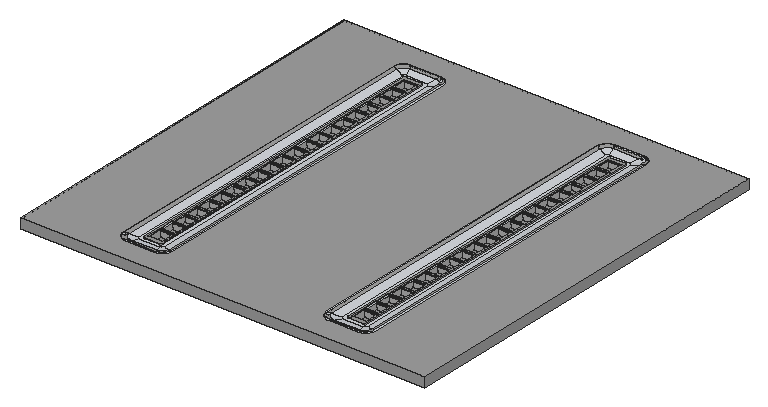
Revit family "0044017 Sylvania Lighting Fixture OptiClip 600 4000K C9 WH DALI WHITE", category Lighting Fixtures, host Face, Revit 2016
Family settings
  Host = Face
  Part Type = Normal
  Round Connector Dimension = Use Diameter
  OmniClass Number = 23.80.70.00
  OmniClass Title = Lighting
  Cut with Voids When Loaded = No
  Light Source = Yes
  Shared = No
  Room Calculation Point = No
Parameters (values of type "Type Name")
  spacer height = 5 mm
  spacer centres = 1000 mm
  height = 14.63 mm
  cut out width = 590 mm
  cut out length = 590 mm
  Width = 595 mm
  Weight = ""
  Wattage Comments = ""
  Wattage = 9.2903 W
  WarrantyStartDate [instance] = "n/a"
  WarrantyGuarantorParts = "n/a"
  WarrantyDurationUnit = "n/a"
  WarrantyDurationParts = "n/a"
  WarrantyDescription = "n/a"
  built-in parameter 1150110 = 1 (stored number, unit not read)
  Voltage = 0 V
  URL = "http://www.feilosylvania.com"
  TypeName = ""
  Type Image = <None>
  Type Comments = "n/a"
  built-in parameter 1114217 = 1 (stored number, unit not read)
  Tilt Angle = 90.00°
  built-in parameter 1150109 = 1 (stored number, unit not read)
  built-in parameter 1150134 = 3
  built-in parameter 1150113 = 1 (stored number, unit not read)
  SerialNumber [instance] = "n/a"
  Photometric Web File = "0044017.ies"
  Material_3_FEILO = none
  PowerFactor = 0
  PowerConsumption = ""
  NominalLength = 0 mm
  NominalHeight = 0 mm
  NominalDepth = 0 mm
  Name = ""
  ModelReference = Name  # ""
  ModelNumber = ""
  Model = Name  # ""
  Material = ""
  ManufacturerName = "Feilo Sylvania"
  Manufacturer = "Feilo Sylvania"
  LuminousEfficacy = ""
  built-in parameter 1150105 = 109.82 (stored number, unit not read)
  Lumens = 1380 lm
  LuminaireType = ""
  built-in parameter 1150115 = 1 (stored number, unit not read)
  LightOutputRatio = ""
  built-in parameter 1150137 = (empty or 0)
  built-in parameter 1150139 = (empty or 0)
  Length = 595 mm
  LampsType = Lamp  # ""
  LampNominalLuminous = ""
  LampMacAdamStep = ""
  LampColourTemperature = ""
  LampColourRenderingIndex = ""
  built-in parameter 1150112 = 1 (stored number, unit not read)
  built-in parameter 1150114 = 1 (stored number, unit not read)
  Lamp = ""
  Keynote = "16500"
  InstallationDate [instance] = "n/a"
  InputVoltage = ""
  InputNominalFrequency = ""
  built-in parameter 1150132 = (empty or 0)
  built-in parameter 1150102 = (empty or 0)
  built-in parameter 1150107 = 3200 (stored number, unit not read)
  built-in parameter 1150138 = (empty or 0)
  IngressProtection = ""
  ImpactProtectionIndex = ""
  built-in parameter 1150106 = 1.0982 (stored number, unit not read)
  IfcExportType = "IfcLightFixtureType"
  IfcExportAs = "IfcLightFixtureType"
  Height = 50 mm
  ExpectedLife = 50000
  Emit from Circle Diameter = 609.6 mm
  Emit Shape Visible in Rendering = no
  ElectricShockClassification = ""
  built-in parameter 1150104 = 13.8 (stored number, unit not read)
  DurationUnit = "hours"
  DocumentationLiterature = ""
  DimmingControlOptions = ""
  Material_2_FEILO = none
  Dimming Lamp Color Temperature Shift = <None>
  Description = ""
  Default Elevation = 1219.2 mm
  CreatedOn = ""
  CreatedBy = ""
  Cost = 0
  Color Filter = 16777215
  built-in parameter 1114216 [instance] = (empty or 0)
  ClassificationValue = "EF_70_80"
  ClassificationName = "Uniclass2015"
  Material_1_FEILO = none
  BarCode [instance] = "n/a"
  built-in parameter 1114218 = 1 (stored number, unit not read)
  built-in parameter 1150133 = 10 (stored number, unit not read)
  AssetType = ""
  AssetIdentifier [instance] = "n/a"
  Assembly Code = "D5020200"
  Apparent Load = 0 VA
  Material_4_FEILO = none
Reference planes
  plane 1 "Center (Front/Back)": y = 0
  plane 2: z = 0
  plane 3 "Center (Left/Right)": x = 0
  plane 4: z = 0
  plane 5: y = 297.5
  plane 6: y = -297.5
  plane 7: x = -297.5
  plane 8: x = 297.5
  plane 9: x = -295
  plane 10: x = 295
  plane 11: y = 295
  plane 12: y = -295
  plane 13: z = -14.63
  plane 14: y = 296.5
  plane 15: x = -296.5
  plane 16: x = 296.5
  plane 17: y = -296.5
  plane 18: x = -185
  plane 19: x = -113
  plane 20: y = -246.5
  plane 21: x = -184
  plane 22: y = 262
  plane 23: x = -114
  plane 24: y = -262
  plane 25: y = 245.5
  plane 26: y = -245.345
  plane 27: x = -160
  plane 28: x = -138
  plane 29: y = 236.5
  plane 30: y = -236.345
  plane 31: y = 213.35
  plane 32: y = 212.35
  plane 33: y = 190.95
  plane 34: y = 189.95
  plane 35: y = 168.595
  plane 36: y = 167.595
  plane 37: y = 146.15
  plane 38: y = 145.15
  plane 39: y = 123.75
  plane 40: y = 122.75
  plane 41: y = 101.35
  plane 42: y = 100.35
  plane 43: y = 78.95
  plane 44: y = 77.95
  plane 45: y = 56.576
  plane 46: y = 55.576
  plane 47: y = 34.15
  plane 48: y = 33.15
  plane 49: y = 11.75
  plane 50: y = 10.75
  plane 51: y = -10.65
  plane 52: y = -11.65
  plane 53: y = -33.05
  plane 54: y = -34.05
  plane 55: y = -55.45
  plane 56: y = -56.45
  plane 57: y = -77.805
  plane 58: y = -78.805
  plane 59: y = -100.25
  plane 60: y = -101.25
  plane 61: y = -122.65
  plane 62: y = -123.65
  plane 63: y = -145.05
  plane 64: y = -146.05
  plane 65: y = -167.45
  plane 66: y = -168.416
  plane 67: y = -189.816
  plane 68: y = -190.816
  plane 69: y = -212.216
  plane 70: y = -213.216
  plane 71: y = -234.616
  plane 72: x = -159.5
  plane 73: x = -138.539
  plane 74: y = 230.05
  plane 75: y = 218.05
  plane 76: x = -143.039
  plane 77: x = -155
  plane 78: x = -162.5
  plane 79: x = -135.5
  plane 80: y = 240.5
  plane 81: y = -240.345
  plane 82: y = 238
Forms (mm)
  Extrusion 1, void, detail levels medium+fine
    sketch origin (4.2, 0, 0) x (0, 1, 0) y (1, 0, 0)
      loop
        line (295, -299.2) -> (295, 290.8) -> (-295, 290.8) -> (-295, -299.2) -> (295, -299.2)
    from 0 to 10
  Extrusion 2, solid, material "Default", detail levels medium+fine
    sketch origin (4.2, 0, 0) x (1, 0, 0) y (0, 1, 0)
      loop
        line (-301.7, 297.5) -> (-301.7, -297.5) -> (293.3, -297.5) -> (293.3, 297.5) -> (-301.7, 297.5)
    from 0 to -14.63
  Extrusion 3, void, detail levels medium+fine
    sketch origin (4.2, 0, 0) x (0, 1, 0) y (1, 0, 0)
      loop
        line (296.5, -300.7) -> (296.5, 292.3) -> (-296.5, 292.3) -> (-296.5, -300.7) -> (296.5, -300.7)
    from 1.008 to 14.63
  Blend 4, solid, detail levels medium+fine
    base sketch origin (4.2, 0, 0) x (1, 0, 0) y (0, 1, 0)
      loop
        line (-189.2, 248) -> (-189.2, -248)
        arc (-189.2, -248) -> (-184.807, -258.607) -> (-174.2, -263) r 15
        line (-174.2, -263) -> (-132.2, -263)
        arc (-132.2, -263) -> (-121.593, -258.607) -> (-117.2, -248) r 15
        line (-117.2, -248) -> (-117.2, 248)
        arc (-117.2, 248) -> (-121.593, 258.607) -> (-132.2, 263) r 15
        line (-132.2, 263) -> (-174.2, 263)
        arc (-174.2, 263) -> (-184.807, 258.607) -> (-189.2, 248) r 15
    top sketch origin (4.2, 0, 0) x (1, 0, 0) y (0, 1, 0)
      loop
        line (-172.7, 242.5) -> (-172.7, -242.5)
        arc (-172.7, -242.5) -> (-171.517, -245.34) -> (-168.667, -246.5) r 4
        line (-168.667, -246.5) -> (-137.633, -246.5)
        arc (-137.633, -246.5) -> (-134.828, -245.324) -> (-133.7, -242.5) r 3.934
        line (-133.7, -242.5) -> (-133.7, 242.5)
        arc (-133.7, 242.5) -> (-134.982, 245.439) -> (-138.008, 246.5) r 4.011
        line (-138.008, 246.5) -> (-168.7, 246.5)
        arc (-168.7, 246.5) -> (-171.528, 245.328) -> (-172.7, 242.5) r 4
    from 0 to -4
  Blend 5, void
    base sketch origin (4.2, 0, 0) x (0, 1, 0) y (-1, 0, 0)
      loop
        line (248, 188.2) -> (-248, 188.2)
        arc (-248, 188.2) -> (-257.899, 184.099) -> (-262, 174.2) r 14
        line (-262, 174.2) -> (-262, 132.2)
        arc (-262, 132.2) -> (-257.899, 122.301) -> (-248, 118.2) r 14
        line (-248, 118.2) -> (248, 118.2)
        arc (248, 118.2) -> (257.899, 122.301) -> (262, 132.2) r 14
        line (262, 132.2) -> (262, 174.2)
        arc (262, 174.2) -> (257.899, 184.099) -> (248, 188.2) r 14
    top sketch origin (4.2, 0, 0) x (0, 1, 0) y (-1, 0, 0)
      loop
        line (242.5, 171.7) -> (-242.5, 171.7)
        arc (-242.5, 171.7) -> (-244.579, 170.8) -> (-245.345, 168.667) r 2.851
        line (-245.345, 168.667) -> (-245.345, 137.633)
        arc (-245.345, 137.633) -> (-244.517, 135.59) -> (-242.5, 134.7) r 2.934
        line (-242.5, 134.7) -> (242.5, 134.7)
        arc (242.5, 134.7) -> (244.733, 135.69) -> (245.5, 138.008) r 3.014
        line (245.5, 138.008) -> (245.5, 168.7)
        arc (245.5, 168.7) -> (244.621, 170.821) -> (242.5, 171.7) r 3
    from 0 to -3.5
  Extrusion 6, solid, material "Aluminum 1100-H18", detail levels medium+fine
    sketch origin (4.2, 0, 0) x (1, 0, 0) y (0, 1, 0)
      loop
        line (-164.2, 236.5) -> (-164.2, -236.345) -> (-142.2, -236.345) -> (-142.2, 236.5) -> (-164.2, 236.5)
    from -4 to -14.63
  Extrusion 7, solid, material "Aluminum 1100-H18", detail levels medium+fine
    sketch origin (4.2, 0, 0) x (1, 0, 0) y (0, 1, 0)
      loop
        line (-166.7, 238) -> (-166.7, -238.071)
        arc (-166.7, -238.071) -> (-165.953, -239.761) -> (-164.2, -240.345) r 2.284
        line (-164.2, -240.345) -> (-142.156, -240.345)
        arc (-142.156, -240.345) -> (-140.483, -239.689) -> (-139.7, -238.071) r 2.464
        line (-139.7, -238.071) -> (-139.7, 238)
        arc (-139.7, 238) -> (-140.432, 239.768) -> (-142.2, 240.5) r 2.5
        line (-142.2, 240.5) -> (-164.2, 240.5)
        arc (-164.2, 240.5) -> (-165.968, 239.768) -> (-166.7, 238) r 2.5
    from -3.5 to -2.5
  Blend 8, void
    base sketch origin (4.2, 0, 0) x (0, 1, 0) y (-1, 0, 0)
      loop
        line (234.75, 163.7) -> (213.35, 163.7) -> (213.35, 142.739) -> (234.75, 142.739) -> (234.75, 163.7)
    top sketch origin (4.2, 0, 0) x (0, 1, 0) y (-1, 0, 0)
      loop
        line (230.05, 159.2) -> (218.05, 159.2) -> (218.05, 147.239) -> (230.05, 147.239) -> (230.05, 159.2)
    from -2.5 to -11
  Blend 9, void
    base sketch origin (4.2, -22.4, 0) x (0, 1, 0) y (-1, 0, 0)
      loop
        line (234.75, 163.7) -> (213.35, 163.7) -> (213.35, 142.739) -> (234.75, 142.739) -> (234.75, 163.7)
    top sketch origin (4.2, -22.4, 0) x (0, 1, 0) y (-1, 0, 0)
      loop
        line (230.05, 159.2) -> (218.05, 159.2) -> (218.05, 147.239) -> (230.05, 147.239) -> (230.05, 159.2)
    from -2.5 to -11
  Blend 10, void
    base sketch origin (4.2, -44.8, 0) x (0, 1, 0) y (-1, 0, 0)
      loop
        line (234.75, 163.7) -> (213.35, 163.7) -> (213.35, 142.739) -> (234.75, 142.739) -> (234.75, 163.7)
    top sketch origin (4.2, -44.8, 0) x (0, 1, 0) y (-1, 0, 0)
      loop
        line (230.05, 159.2) -> (218.05, 159.2) -> (218.05, 147.239) -> (230.05, 147.239) -> (230.05, 159.2)
    from -2.5 to -11
  Blend 11, void
    base sketch origin (4.2, -67.155, 0) x (0, 1, 0) y (-1, 0, 0)
      loop
        line (234.75, 163.7) -> (213.35, 163.7) -> (213.35, 142.739) -> (234.75, 142.739) -> (234.75, 163.7)
    top sketch origin (4.2, -67.155, 0) x (0, 1, 0) y (-1, 0, 0)
      loop
        line (230.05, 159.2) -> (218.05, 159.2) -> (218.05, 147.239) -> (230.05, 147.239) -> (230.05, 159.2)
    from -2.5 to -11
  Blend 12, void
    base sketch origin (4.2, -89.6, 0) x (0, 1, 0) y (-1, 0, 0)
      loop
        line (234.75, 163.7) -> (213.35, 163.7) -> (213.35, 142.739) -> (234.75, 142.739) -> (234.75, 163.7)
    top sketch origin (4.2, -89.6, 0) x (0, 1, 0) y (-1, 0, 0)
      loop
        line (230.05, 159.2) -> (218.05, 159.2) -> (218.05, 147.239) -> (230.05, 147.239) -> (230.05, 159.2)
    from -2.5 to -11
  Blend 13, void
    base sketch origin (4.2, -112, 0) x (0, 1, 0) y (-1, 0, 0)
      loop
        line (234.75, 163.7) -> (213.35, 163.7) -> (213.35, 142.739) -> (234.75, 142.739) -> (234.75, 163.7)
    top sketch origin (4.2, -112, 0) x (0, 1, 0) y (-1, 0, 0)
      loop
        line (230.05, 159.2) -> (218.05, 159.2) -> (218.05, 147.239) -> (230.05, 147.239) -> (230.05, 159.2)
    from -2.5 to -11
  Blend 14, void
    base sketch origin (4.2, -134.4, 0) x (0, 1, 0) y (-1, 0, 0)
      loop
        line (234.75, 163.7) -> (213.35, 163.7) -> (213.35, 142.739) -> (234.75, 142.739) -> (234.75, 163.7)
    top sketch origin (4.2, -134.4, 0) x (0, 1, 0) y (-1, 0, 0)
      loop
        line (230.05, 159.2) -> (218.05, 159.2) -> (218.05, 147.239) -> (230.05, 147.239) -> (230.05, 159.2)
    from -2.5 to -11
  Blend 15, void
    base sketch origin (4.2, -156.8, 0) x (0, 1, 0) y (-1, 0, 0)
      loop
        line (234.75, 163.7) -> (213.35, 163.7) -> (213.35, 142.739) -> (234.75, 142.739) -> (234.75, 163.7)
    top sketch origin (4.2, -156.8, 0) x (0, 1, 0) y (-1, 0, 0)
      loop
        line (230.05, 159.2) -> (218.05, 159.2) -> (218.05, 147.239) -> (230.05, 147.239) -> (230.05, 159.2)
    from -2.5 to -11
  Blend 16, void
    base sketch origin (4.2, -179.174, 0) x (0, 1, 0) y (-1, 0, 0)
      loop
        line (234.75, 163.7) -> (213.35, 163.7) -> (213.35, 142.739) -> (234.75, 142.739) -> (234.75, 163.7)
    top sketch origin (4.2, -179.174, 0) x (0, 1, 0) y (-1, 0, 0)
      loop
        line (230.05, 159.2) -> (218.05, 159.2) -> (218.05, 147.239) -> (230.05, 147.239) -> (230.05, 159.2)
    from -2.5 to -11
  Blend 17, void
    base sketch origin (4.2, -201.6, 0) x (0, 1, 0) y (-1, 0, 0)
      loop
        line (234.75, 163.7) -> (213.35, 163.7) -> (213.35, 142.739) -> (234.75, 142.739) -> (234.75, 163.7)
    top sketch origin (4.2, -201.6, 0) x (0, 1, 0) y (-1, 0, 0)
      loop
        line (230.05, 159.2) -> (218.05, 159.2) -> (218.05, 147.239) -> (230.05, 147.239) -> (230.05, 159.2)
    from -2.5 to -11
  Blend 18, void
    base sketch origin (4.2, -224, 0) x (0, 1, 0) y (-1, 0, 0)
      loop
        line (234.75, 163.7) -> (213.35, 163.7) -> (213.35, 142.739) -> (234.75, 142.739) -> (234.75, 163.7)
    top sketch origin (4.2, -224, 0) x (0, 1, 0) y (-1, 0, 0)
      loop
        line (230.05, 159.2) -> (218.05, 159.2) -> (218.05, 147.239) -> (230.05, 147.239) -> (230.05, 159.2)
    from -2.5 to -11
  Blend 19, void
    base sketch origin (4.2, -246.4, 0) x (0, 1, 0) y (-1, 0, 0)
      loop
        line (234.75, 163.7) -> (213.35, 163.7) -> (213.35, 142.739) -> (234.75, 142.739) -> (234.75, 163.7)
    top sketch origin (4.2, -246.4, 0) x (0, 1, 0) y (-1, 0, 0)
      loop
        line (230.05, 159.2) -> (218.05, 159.2) -> (218.05, 147.239) -> (230.05, 147.239) -> (230.05, 159.2)
    from -2.5 to -11
  Blend 20, void
    base sketch origin (4.2, -268.8, 0) x (0, 1, 0) y (-1, 0, 0)
      loop
        line (234.75, 163.7) -> (213.35, 163.7) -> (213.35, 142.739) -> (234.75, 142.739) -> (234.75, 163.7)
    top sketch origin (4.2, -268.8, 0) x (0, 1, 0) y (-1, 0, 0)
      loop
        line (230.05, 159.2) -> (218.05, 159.2) -> (218.05, 147.239) -> (230.05, 147.239) -> (230.05, 159.2)
    from -2.5 to -11
  Blend 21, void
    base sketch origin (4.2, -291.2, 0) x (0, 1, 0) y (-1, 0, 0)
      loop
        line (234.75, 163.7) -> (213.35, 163.7) -> (213.35, 142.739) -> (234.75, 142.739) -> (234.75, 163.7)
    top sketch origin (4.2, -291.2, 0) x (0, 1, 0) y (-1, 0, 0)
      loop
        line (230.05, 159.2) -> (218.05, 159.2) -> (218.05, 147.239) -> (230.05, 147.239) -> (230.05, 159.2)
    from -2.5 to -11
  Blend 22, void
    base sketch origin (4.2, -313.555, 0) x (0, 1, 0) y (-1, 0, 0)
      loop
        line (234.75, 163.7) -> (213.35, 163.7) -> (213.35, 142.739) -> (234.75, 142.739) -> (234.75, 163.7)
    top sketch origin (4.2, -313.555, 0) x (0, 1, 0) y (-1, 0, 0)
      loop
        line (230.05, 159.2) -> (218.05, 159.2) -> (218.05, 147.239) -> (230.05, 147.239) -> (230.05, 159.2)
    from -2.5 to -11
  Blend 23, void
    base sketch origin (4.2, -336, 0) x (0, 1, 0) y (-1, 0, 0)
      loop
        line (234.75, 163.7) -> (213.35, 163.7) -> (213.35, 142.739) -> (234.75, 142.739) -> (234.75, 163.7)
    top sketch origin (4.2, -336, 0) x (0, 1, 0) y (-1, 0, 0)
      loop
        line (230.05, 159.2) -> (218.05, 159.2) -> (218.05, 147.239) -> (230.05, 147.239) -> (230.05, 159.2)
    from -2.5 to -11
  Blend 24, void
    base sketch origin (4.2, -358.4, 0) x (0, 1, 0) y (-1, 0, 0)
      loop
        line (234.75, 163.7) -> (213.35, 163.7) -> (213.35, 142.739) -> (234.75, 142.739) -> (234.75, 163.7)
    top sketch origin (4.2, -358.4, 0) x (0, 1, 0) y (-1, 0, 0)
      loop
        line (230.05, 159.2) -> (218.05, 159.2) -> (218.05, 147.239) -> (230.05, 147.239) -> (230.05, 159.2)
    from -2.5 to -11
  Blend 25, void
    base sketch origin (4.2, -380.8, 0) x (0, 1, 0) y (-1, 0, 0)
      loop
        line (234.75, 163.7) -> (213.35, 163.7) -> (213.35, 142.739) -> (234.75, 142.739) -> (234.75, 163.7)
    top sketch origin (4.2, -380.8, 0) x (0, 1, 0) y (-1, 0, 0)
      loop
        line (230.05, 159.2) -> (218.05, 159.2) -> (218.05, 147.239) -> (230.05, 147.239) -> (230.05, 159.2)
    from -2.5 to -11
  Extrusion 26, solid, material "Glass, White, High Luminance", detail levels fine
    sketch origin (4.2, 0, 0) x (1, 0, 0) y (0, 1, 0)
      loop
        line (-159.2, 230.05) -> (-159.2, 218.05) -> (-147.239, 218.05) -> (-147.239, 230.05) -> (-159.2, 230.05)
    from -11 to -10
  Extrusion 27, solid, material "Glass, White, High Luminance", detail levels fine
    sketch origin (4.2, -22.4, 0) x (1, 0, 0) y (0, 1, 0)
      loop
        line (-159.2, 230.05) -> (-159.2, 218.05) -> (-147.239, 218.05) -> (-147.239, 230.05) -> (-159.2, 230.05)
    from -11 to -10
  Extrusion 28, solid, material "Glass, White, High Luminance", detail levels fine
    sketch origin (4.2, -44.8, 0) x (1, 0, 0) y (0, 1, 0)
      loop
        line (-159.2, 230.05) -> (-159.2, 218.05) -> (-147.239, 218.05) -> (-147.239, 230.05) -> (-159.2, 230.05)
    from -11 to -10
  Extrusion 29, solid, material "Glass, White, High Luminance", detail levels fine
    sketch origin (4.2, -67.155, 0) x (1, 0, 0) y (0, 1, 0)
      loop
        line (-159.2, 230.05) -> (-159.2, 218.05) -> (-147.239, 218.05) -> (-147.239, 230.05) -> (-159.2, 230.05)
    from -11 to -10
  Extrusion 30, solid, material "Glass, White, High Luminance", detail levels fine
    sketch origin (4.2, -89.6, 0) x (1, 0, 0) y (0, 1, 0)
      loop
        line (-159.2, 230.05) -> (-159.2, 218.05) -> (-147.239, 218.05) -> (-147.239, 230.05) -> (-159.2, 230.05)
    from -11 to -10
  Extrusion 31, solid, material "Glass, White, High Luminance", detail levels fine
    sketch origin (4.2, -112, 0) x (1, 0, 0) y (0, 1, 0)
      loop
        line (-159.2, 230.05) -> (-159.2, 218.05) -> (-147.239, 218.05) -> (-147.239, 230.05) -> (-159.2, 230.05)
    from -11 to -10
  Extrusion 32, solid, material "Glass, White, High Luminance", detail levels fine
    sketch origin (4.2, -134.4, 0) x (1, 0, 0) y (0, 1, 0)
      loop
        line (-159.2, 230.05) -> (-159.2, 218.05) -> (-147.239, 218.05) -> (-147.239, 230.05) -> (-159.2, 230.05)
    from -11 to -10
  Extrusion 33, solid, material "Glass, White, High Luminance", detail levels fine
    sketch origin (4.2, -156.8, 0) x (1, 0, 0) y (0, 1, 0)
      loop
        line (-159.2, 230.05) -> (-159.2, 218.05) -> (-147.239, 218.05) -> (-147.239, 230.05) -> (-159.2, 230.05)
    from -11 to -10
  Extrusion 34, solid, material "Glass, White, High Luminance", detail levels fine
    sketch origin (4.2, -179.174, 0) x (1, 0, 0) y (0, 1, 0)
      loop
        line (-159.2, 230.05) -> (-159.2, 218.05) -> (-147.239, 218.05) -> (-147.239, 230.05) -> (-159.2, 230.05)
    from -11 to -10
  Extrusion 35, solid, material "Glass, White, High Luminance", detail levels fine
    sketch origin (4.2, -201.6, 0) x (1, 0, 0) y (0, 1, 0)
      loop
        line (-159.2, 230.05) -> (-159.2, 218.05) -> (-147.239, 218.05) -> (-147.239, 230.05) -> (-159.2, 230.05)
    from -11 to -10
  Extrusion 36, solid, material "Glass, White, High Luminance", detail levels fine
    sketch origin (4.2, -224, 0) x (1, 0, 0) y (0, 1, 0)
      loop
        line (-159.2, 230.05) -> (-159.2, 218.05) -> (-147.239, 218.05) -> (-147.239, 230.05) -> (-159.2, 230.05)
    from -11 to -10
  Extrusion 37, solid, material "Glass, White, High Luminance", detail levels fine
    sketch origin (4.2, -246.4, 0) x (1, 0, 0) y (0, 1, 0)
      loop
        line (-159.2, 230.05) -> (-159.2, 218.05) -> (-147.239, 218.05) -> (-147.239, 230.05) -> (-159.2, 230.05)
    from -11 to -10
  Extrusion 38, solid, material "Glass, White, High Luminance", detail levels fine
    sketch origin (4.2, -268.8, 0) x (1, 0, 0) y (0, 1, 0)
      loop
        line (-159.2, 230.05) -> (-159.2, 218.05) -> (-147.239, 218.05) -> (-147.239, 230.05) -> (-159.2, 230.05)
    from -11 to -10
  Extrusion 39, solid, material "Glass, White, High Luminance", detail levels fine
    sketch origin (4.2, -291.2, 0) x (1, 0, 0) y (0, 1, 0)
      loop
        line (-159.2, 230.05) -> (-159.2, 218.05) -> (-147.239, 218.05) -> (-147.239, 230.05) -> (-159.2, 230.05)
    from -11 to -10
  Extrusion 40, solid, material "Glass, White, High Luminance", detail levels fine
    sketch origin (4.2, -313.555, 0) x (1, 0, 0) y (0, 1, 0)
      loop
        line (-159.2, 230.05) -> (-159.2, 218.05) -> (-147.239, 218.05) -> (-147.239, 230.05) -> (-159.2, 230.05)
    from -11 to -10
  Extrusion 41, solid, material "Glass, White, High Luminance", detail levels fine
    sketch origin (4.2, -336, 0) x (1, 0, 0) y (0, 1, 0)
      loop
        line (-159.2, 230.05) -> (-159.2, 218.05) -> (-147.239, 218.05) -> (-147.239, 230.05) -> (-159.2, 230.05)
    from -11 to -10
  Extrusion 42, solid, material "Glass, White, High Luminance", detail levels fine
    sketch origin (4.2, -358.4, 0) x (1, 0, 0) y (0, 1, 0)
      loop
        line (-159.2, 230.05) -> (-159.2, 218.05) -> (-147.239, 218.05) -> (-147.239, 230.05) -> (-159.2, 230.05)
    from -11 to -10
  Extrusion 43, solid, material "Glass, White, High Luminance", detail levels fine
    sketch origin (4.2, -380.8, 0) x (1, 0, 0) y (0, 1, 0)
      loop
        line (-159.2, 230.05) -> (-159.2, 218.05) -> (-147.239, 218.05) -> (-147.239, 230.05) -> (-159.2, 230.05)
    from -11 to -10
  Extrusion 44, solid, material "Glass, White, High Luminance", detail levels fine
    sketch origin (3.419, -403.166, 0) x (1, 0, 0) y (0, 1, 0)
      loop
        line (-158.419, 230.05) -> (-158.419, 218.05) -> (-146.458, 218.05) -> (-146.458, 230.05) -> (-158.419, 230.05)
    from -11 to -10
  Extrusion 45, solid, material "Glass, White, High Luminance", detail levels fine
    sketch origin (3.419, -425.566, 0) x (1, 0, 0) y (0, 1, 0)
      loop
        line (-158.419, 230.05) -> (-158.419, 218.05) -> (-146.458, 218.05) -> (-146.458, 230.05) -> (-158.419, 230.05)
    from -11 to -10
  Extrusion 46, solid, material "Glass, White, High Luminance", detail levels fine
    sketch origin (3.419, -447.966, 0) x (1, 0, 0) y (0, 1, 0)
      loop
        line (-158.419, 230.05) -> (-158.419, 218.05) -> (-146.458, 218.05) -> (-146.458, 230.05) -> (-158.419, 230.05)
    from -11 to -10
  Blend 47, solid, detail levels medium+fine
    base sketch origin (303.2, 0, 0) x (1, 0, 0) y (0, 1, 0)
      loop
        line (-189.2, 248) -> (-189.2, -248)
        arc (-189.2, -248) -> (-184.807, -258.607) -> (-174.2, -263) r 15
        line (-174.2, -263) -> (-132.2, -263)
        arc (-132.2, -263) -> (-121.593, -258.607) -> (-117.2, -248) r 15
        line (-117.2, -248) -> (-117.2, 248)
        arc (-117.2, 248) -> (-121.593, 258.607) -> (-132.2, 263) r 15
        line (-132.2, 263) -> (-174.2, 263)
        arc (-174.2, 263) -> (-184.807, 258.607) -> (-189.2, 248) r 15
    top sketch origin (303.2, 0, 0) x (1, 0, 0) y (0, 1, 0)
      loop
        line (-172.7, 242.5) -> (-172.7, -242.5)
        arc (-172.7, -242.5) -> (-171.517, -245.34) -> (-168.667, -246.5) r 4
        line (-168.667, -246.5) -> (-137.633, -246.5)
        arc (-137.633, -246.5) -> (-134.828, -245.324) -> (-133.7, -242.5) r 3.934
        line (-133.7, -242.5) -> (-133.7, 242.5)
        arc (-133.7, 242.5) -> (-134.982, 245.439) -> (-138.008, 246.5) r 4.011
        line (-138.008, 246.5) -> (-168.7, 246.5)
        arc (-168.7, 246.5) -> (-171.528, 245.328) -> (-172.7, 242.5) r 4
    from 0 to -4
  Blend 48, void
    base sketch origin (303.2, 0, 0) x (0, 1, 0) y (-1, 0, 0)
      loop
        line (248, 188.2) -> (-248, 188.2)
        arc (-248, 188.2) -> (-257.899, 184.099) -> (-262, 174.2) r 14
        line (-262, 174.2) -> (-262, 132.2)
        arc (-262, 132.2) -> (-257.899, 122.301) -> (-248, 118.2) r 14
        line (-248, 118.2) -> (248, 118.2)
        arc (248, 118.2) -> (257.899, 122.301) -> (262, 132.2) r 14
        line (262, 132.2) -> (262, 174.2)
        arc (262, 174.2) -> (257.899, 184.099) -> (248, 188.2) r 14
    top sketch origin (303.2, 0, 0) x (0, 1, 0) y (-1, 0, 0)
      loop
        line (242.5, 171.7) -> (-242.5, 171.7)
        arc (-242.5, 171.7) -> (-244.579, 170.8) -> (-245.345, 168.667) r 2.851
        line (-245.345, 168.667) -> (-245.345, 137.633)
        arc (-245.345, 137.633) -> (-244.517, 135.59) -> (-242.5, 134.7) r 2.934
        line (-242.5, 134.7) -> (242.5, 134.7)
        arc (242.5, 134.7) -> (244.733, 135.69) -> (245.5, 138.008) r 3.014
        line (245.5, 138.008) -> (245.5, 168.7)
        arc (245.5, 168.7) -> (244.621, 170.821) -> (242.5, 171.7) r 3
    from 0 to -3.5
  Extrusion 49, solid, material "Aluminum 1100-H18", detail levels medium+fine
    sketch origin (304.2, 0, 0) x (1, 0, 0) y (0, 1, 0)
      loop
        line (-164.2, 236.5) -> (-164.2, -236.345) -> (-142.2, -236.345) -> (-142.2, 236.5) -> (-164.2, 236.5)
    from -4 to -14.63
  Blend 50, void
    base sketch origin (4.2, -403.166, 0) x (0, 1, 0) y (-1, 0, 0)
      loop
        line (234.75, 163.7) -> (213.35, 163.7) -> (213.35, 142.739) -> (234.75, 142.739) -> (234.75, 163.7)
    top sketch origin (4.2, -403.166, 0) x (0, 1, 0) y (-1, 0, 0)
      loop
        line (230.05, 159.2) -> (218.05, 159.2) -> (218.05, 147.239) -> (230.05, 147.239) -> (230.05, 159.2)
    from -2.5 to -11
  Blend 51, void
    base sketch origin (4.2, -425.566, 0) x (0, 1, 0) y (-1, 0, 0)
      loop
        line (234.75, 163.7) -> (213.35, 163.7) -> (213.35, 142.739) -> (234.75, 142.739) -> (234.75, 163.7)
    top sketch origin (4.2, -425.566, 0) x (0, 1, 0) y (-1, 0, 0)
      loop
        line (230.05, 159.2) -> (218.05, 159.2) -> (218.05, 147.239) -> (230.05, 147.239) -> (230.05, 159.2)
    from -2.5 to -11
  Blend 52, void
    base sketch origin (4.2, -447.966, 0) x (0, 1, 0) y (-1, 0, 0)
      loop
        line (234.75, 163.7) -> (213.35, 163.7) -> (213.35, 142.739) -> (234.75, 142.739) -> (234.75, 163.7)
    top sketch origin (4.2, -447.966, 0) x (0, 1, 0) y (-1, 0, 0)
      loop
        line (230.05, 159.2) -> (218.05, 159.2) -> (218.05, 147.239) -> (230.05, 147.239) -> (230.05, 159.2)
    from -2.5 to -11
  Extrusion 53, solid, material "Aluminum 1100-H18", detail levels medium+fine
    sketch origin (304.2, 0, 0) x (1, 0, 0) y (0, 1, 0)
      loop
        line (-166.7, 238) -> (-166.7, -238.071)
        arc (-166.7, -238.071) -> (-165.953, -239.761) -> (-164.2, -240.345) r 2.284
        line (-164.2, -240.345) -> (-142.156, -240.345)
        arc (-142.156, -240.345) -> (-140.483, -239.689) -> (-139.7, -238.071) r 2.464
        line (-139.7, -238.071) -> (-139.7, 238)
        arc (-139.7, 238) -> (-140.432, 239.768) -> (-142.2, 240.5) r 2.5
        line (-142.2, 240.5) -> (-164.2, 240.5)
        arc (-164.2, 240.5) -> (-165.968, 239.768) -> (-166.7, 238) r 2.5
    from -3.5 to -2.5
  Blend 54, void
    base sketch origin (304.2, 0, 0) x (0, 1, 0) y (-1, 0, 0)
      loop
        line (234.75, 163.7) -> (213.35, 163.7) -> (213.35, 142.739) -> (234.75, 142.739) -> (234.75, 163.7)
    top sketch origin (304.2, 0, 0) x (0, 1, 0) y (-1, 0, 0)
      loop
        line (230.05, 159.2) -> (218.05, 159.2) -> (218.05, 147.239) -> (230.05, 147.239) -> (230.05, 159.2)
    from -2.5 to -11
  Blend 55, void
    base sketch origin (304.2, -22.4, 0) x (0, 1, 0) y (-1, 0, 0)
      loop
        line (234.75, 163.7) -> (213.35, 163.7) -> (213.35, 142.739) -> (234.75, 142.739) -> (234.75, 163.7)
    top sketch origin (304.2, -22.4, 0) x (0, 1, 0) y (-1, 0, 0)
      loop
        line (230.05, 159.2) -> (218.05, 159.2) -> (218.05, 147.239) -> (230.05, 147.239) -> (230.05, 159.2)
    from -2.5 to -11
  Blend 56, void
    base sketch origin (304.2, -44.8, 0) x (0, 1, 0) y (-1, 0, 0)
      loop
        line (234.75, 163.7) -> (213.35, 163.7) -> (213.35, 142.739) -> (234.75, 142.739) -> (234.75, 163.7)
    top sketch origin (304.2, -44.8, 0) x (0, 1, 0) y (-1, 0, 0)
      loop
        line (230.05, 159.2) -> (218.05, 159.2) -> (218.05, 147.239) -> (230.05, 147.239) -> (230.05, 159.2)
    from -2.5 to -11
  Blend 57, void
    base sketch origin (304.2, -67.155, 0) x (0, 1, 0) y (-1, 0, 0)
      loop
        line (234.75, 163.7) -> (213.35, 163.7) -> (213.35, 142.739) -> (234.75, 142.739) -> (234.75, 163.7)
    top sketch origin (304.2, -67.155, 0) x (0, 1, 0) y (-1, 0, 0)
      loop
        line (230.05, 159.2) -> (218.05, 159.2) -> (218.05, 147.239) -> (230.05, 147.239) -> (230.05, 159.2)
    from -2.5 to -11
  Blend 58, void
    base sketch origin (304.2, -89.6, 0) x (0, 1, 0) y (-1, 0, 0)
      loop
        line (234.75, 163.7) -> (213.35, 163.7) -> (213.35, 142.739) -> (234.75, 142.739) -> (234.75, 163.7)
    top sketch origin (304.2, -89.6, 0) x (0, 1, 0) y (-1, 0, 0)
      loop
        line (230.05, 159.2) -> (218.05, 159.2) -> (218.05, 147.239) -> (230.05, 147.239) -> (230.05, 159.2)
    from -2.5 to -11
  Blend 59, void
    base sketch origin (304.2, -112, 0) x (0, 1, 0) y (-1, 0, 0)
      loop
        line (234.75, 163.7) -> (213.35, 163.7) -> (213.35, 142.739) -> (234.75, 142.739) -> (234.75, 163.7)
    top sketch origin (304.2, -112, 0) x (0, 1, 0) y (-1, 0, 0)
      loop
        line (230.05, 159.2) -> (218.05, 159.2) -> (218.05, 147.239) -> (230.05, 147.239) -> (230.05, 159.2)
    from -2.5 to -11
  Blend 60, void
    base sketch origin (304.2, -134.4, 0) x (0, 1, 0) y (-1, 0, 0)
      loop
        line (234.75, 163.7) -> (213.35, 163.7) -> (213.35, 142.739) -> (234.75, 142.739) -> (234.75, 163.7)
    top sketch origin (304.2, -134.4, 0) x (0, 1, 0) y (-1, 0, 0)
      loop
        line (230.05, 159.2) -> (218.05, 159.2) -> (218.05, 147.239) -> (230.05, 147.239) -> (230.05, 159.2)
    from -2.5 to -11
  Blend 61, void
    base sketch origin (304.2, -156.8, 0) x (0, 1, 0) y (-1, 0, 0)
      loop
        line (234.75, 163.7) -> (213.35, 163.7) -> (213.35, 142.739) -> (234.75, 142.739) -> (234.75, 163.7)
    top sketch origin (304.2, -156.8, 0) x (0, 1, 0) y (-1, 0, 0)
      loop
        line (230.05, 159.2) -> (218.05, 159.2) -> (218.05, 147.239) -> (230.05, 147.239) -> (230.05, 159.2)
    from -2.5 to -11
  Blend 62, void
    base sketch origin (304.2, -179.174, 0) x (0, 1, 0) y (-1, 0, 0)
      loop
        line (234.75, 163.7) -> (213.35, 163.7) -> (213.35, 142.739) -> (234.75, 142.739) -> (234.75, 163.7)
    top sketch origin (304.2, -179.174, 0) x (0, 1, 0) y (-1, 0, 0)
      loop
        line (230.05, 159.2) -> (218.05, 159.2) -> (218.05, 147.239) -> (230.05, 147.239) -> (230.05, 159.2)
    from -2.5 to -11
  Blend 63, void
    base sketch origin (304.2, -201.6, 0) x (0, 1, 0) y (-1, 0, 0)
      loop
        line (234.75, 163.7) -> (213.35, 163.7) -> (213.35, 142.739) -> (234.75, 142.739) -> (234.75, 163.7)
    top sketch origin (304.2, -201.6, 0) x (0, 1, 0) y (-1, 0, 0)
      loop
        line (230.05, 159.2) -> (218.05, 159.2) -> (218.05, 147.239) -> (230.05, 147.239) -> (230.05, 159.2)
    from -2.5 to -11
  Blend 64, void
    base sketch origin (304.2, -224, 0) x (0, 1, 0) y (-1, 0, 0)
      loop
        line (234.75, 163.7) -> (213.35, 163.7) -> (213.35, 142.739) -> (234.75, 142.739) -> (234.75, 163.7)
    top sketch origin (304.2, -224, 0) x (0, 1, 0) y (-1, 0, 0)
      loop
        line (230.05, 159.2) -> (218.05, 159.2) -> (218.05, 147.239) -> (230.05, 147.239) -> (230.05, 159.2)
    from -2.5 to -11
  Blend 65, void
    base sketch origin (304.2, -246.4, 0) x (0, 1, 0) y (-1, 0, 0)
      loop
        line (234.75, 163.7) -> (213.35, 163.7) -> (213.35, 142.739) -> (234.75, 142.739) -> (234.75, 163.7)
    top sketch origin (304.2, -246.4, 0) x (0, 1, 0) y (-1, 0, 0)
      loop
        line (230.05, 159.2) -> (218.05, 159.2) -> (218.05, 147.239) -> (230.05, 147.239) -> (230.05, 159.2)
    from -2.5 to -11
  Blend 66, void
    base sketch origin (304.2, -268.8, 0) x (0, 1, 0) y (-1, 0, 0)
      loop
        line (234.75, 163.7) -> (213.35, 163.7) -> (213.35, 142.739) -> (234.75, 142.739) -> (234.75, 163.7)
    top sketch origin (304.2, -268.8, 0) x (0, 1, 0) y (-1, 0, 0)
      loop
        line (230.05, 159.2) -> (218.05, 159.2) -> (218.05, 147.239) -> (230.05, 147.239) -> (230.05, 159.2)
    from -2.5 to -11
  Blend 67, void
    base sketch origin (304.2, -291.2, 0) x (0, 1, 0) y (-1, 0, 0)
      loop
        line (234.75, 163.7) -> (213.35, 163.7) -> (213.35, 142.739) -> (234.75, 142.739) -> (234.75, 163.7)
    top sketch origin (304.2, -291.2, 0) x (0, 1, 0) y (-1, 0, 0)
      loop
        line (230.05, 159.2) -> (218.05, 159.2) -> (218.05, 147.239) -> (230.05, 147.239) -> (230.05, 159.2)
    from -2.5 to -11
  Blend 68, void
    base sketch origin (304.2, -313.555, 0) x (0, 1, 0) y (-1, 0, 0)
      loop
        line (234.75, 163.7) -> (213.35, 163.7) -> (213.35, 142.739) -> (234.75, 142.739) -> (234.75, 163.7)
    top sketch origin (304.2, -313.555, 0) x (0, 1, 0) y (-1, 0, 0)
      loop
        line (230.05, 159.2) -> (218.05, 159.2) -> (218.05, 147.239) -> (230.05, 147.239) -> (230.05, 159.2)
    from -2.5 to -11
  Blend 69, void
    base sketch origin (304.2, -336, 0) x (0, 1, 0) y (-1, 0, 0)
      loop
        line (234.75, 163.7) -> (213.35, 163.7) -> (213.35, 142.739) -> (234.75, 142.739) -> (234.75, 163.7)
    top sketch origin (304.2, -336, 0) x (0, 1, 0) y (-1, 0, 0)
      loop
        line (230.05, 159.2) -> (218.05, 159.2) -> (218.05, 147.239) -> (230.05, 147.239) -> (230.05, 159.2)
    from -2.5 to -11
  Blend 70, void
    base sketch origin (304.2, -358.4, 0) x (0, 1, 0) y (-1, 0, 0)
      loop
        line (234.75, 163.7) -> (213.35, 163.7) -> (213.35, 142.739) -> (234.75, 142.739) -> (234.75, 163.7)
    top sketch origin (304.2, -358.4, 0) x (0, 1, 0) y (-1, 0, 0)
      loop
        line (230.05, 159.2) -> (218.05, 159.2) -> (218.05, 147.239) -> (230.05, 147.239) -> (230.05, 159.2)
    from -2.5 to -11
  Blend 71, void
    base sketch origin (304.2, -380.8, 0) x (0, 1, 0) y (-1, 0, 0)
      loop
        line (234.75, 163.7) -> (213.35, 163.7) -> (213.35, 142.739) -> (234.75, 142.739) -> (234.75, 163.7)
    top sketch origin (304.2, -380.8, 0) x (0, 1, 0) y (-1, 0, 0)
      loop
        line (230.05, 159.2) -> (218.05, 159.2) -> (218.05, 147.239) -> (230.05, 147.239) -> (230.05, 159.2)
    from -2.5 to -11
  Blend 72, void
    base sketch origin (304.2, -403.166, 0) x (0, 1, 0) y (-1, 0, 0)
      loop
        line (234.75, 163.7) -> (213.35, 163.7) -> (213.35, 142.739) -> (234.75, 142.739) -> (234.75, 163.7)
    top sketch origin (304.2, -403.166, 0) x (0, 1, 0) y (-1, 0, 0)
      loop
        line (230.05, 159.2) -> (218.05, 159.2) -> (218.05, 147.239) -> (230.05, 147.239) -> (230.05, 159.2)
    from -2.5 to -11
  Blend 73, void
    base sketch origin (304.2, -425.566, 0) x (0, 1, 0) y (-1, 0, 0)
      loop
        line (234.75, 163.7) -> (213.35, 163.7) -> (213.35, 142.739) -> (234.75, 142.739) -> (234.75, 163.7)
    top sketch origin (304.2, -425.566, 0) x (0, 1, 0) y (-1, 0, 0)
      loop
        line (230.05, 159.2) -> (218.05, 159.2) -> (218.05, 147.239) -> (230.05, 147.239) -> (230.05, 159.2)
    from -2.5 to -11
  Blend 74, void
    base sketch origin (304.2, -447.966, 0) x (0, 1, 0) y (-1, 0, 0)
      loop
        line (234.75, 163.7) -> (213.35, 163.7) -> (213.35, 142.739) -> (234.75, 142.739) -> (234.75, 163.7)
    top sketch origin (304.2, -447.966, 0) x (0, 1, 0) y (-1, 0, 0)
      loop
        line (230.05, 159.2) -> (218.05, 159.2) -> (218.05, 147.239) -> (230.05, 147.239) -> (230.05, 159.2)
    from -2.5 to -11
  Extrusion 75, solid, material "Glass, White, High Luminance", detail levels fine
    sketch origin (304.2, 0, 0) x (1, 0, 0) y (0, 1, 0)
      loop
        line (-159.2, 230.05) -> (-159.2, 218.05) -> (-147.239, 218.05) -> (-147.239, 230.05) -> (-159.2, 230.05)
    from -11 to -10
  Extrusion 76, solid, material "Glass, White, High Luminance", detail levels fine
    sketch origin (304.2, -22.4, 0) x (1, 0, 0) y (0, 1, 0)
      loop
        line (-159.2, 230.05) -> (-159.2, 218.05) -> (-147.239, 218.05) -> (-147.239, 230.05) -> (-159.2, 230.05)
    from -11 to -10
  Extrusion 77, solid, material "Glass, White, High Luminance", detail levels fine
    sketch origin (304.2, -44.8, 0) x (1, 0, 0) y (0, 1, 0)
      loop
        line (-159.2, 230.05) -> (-159.2, 218.05) -> (-147.239, 218.05) -> (-147.239, 230.05) -> (-159.2, 230.05)
    from -11 to -10
  Extrusion 78, solid, material "Glass, White, High Luminance", detail levels fine
    sketch origin (304.2, -67.155, 0) x (1, 0, 0) y (0, 1, 0)
      loop
        line (-159.2, 230.05) -> (-159.2, 218.05) -> (-147.239, 218.05) -> (-147.239, 230.05) -> (-159.2, 230.05)
    from -11 to -10
  Extrusion 79, solid, material "Glass, White, High Luminance", detail levels fine
    sketch origin (304.2, -89.6, 0) x (1, 0, 0) y (0, 1, 0)
      loop
        line (-159.2, 230.05) -> (-159.2, 218.05) -> (-147.239, 218.05) -> (-147.239, 230.05) -> (-159.2, 230.05)
    from -11 to -10
  Extrusion 80, solid, material "Glass, White, High Luminance", detail levels fine
    sketch origin (304.2, -112, 0) x (1, 0, 0) y (0, 1, 0)
      loop
        line (-159.2, 230.05) -> (-159.2, 218.05) -> (-147.239, 218.05) -> (-147.239, 230.05) -> (-159.2, 230.05)
    from -11 to -10
  Extrusion 81, solid, material "Glass, White, High Luminance", detail levels fine
    sketch origin (304.2, -134.4, 0) x (1, 0, 0) y (0, 1, 0)
      loop
        line (-159.2, 230.05) -> (-159.2, 218.05) -> (-147.239, 218.05) -> (-147.239, 230.05) -> (-159.2, 230.05)
    from -11 to -10
  Extrusion 82, solid, material "Glass, White, High Luminance", detail levels fine
    sketch origin (304.2, -156.8, 0) x (1, 0, 0) y (0, 1, 0)
      loop
        line (-159.2, 230.05) -> (-159.2, 218.05) -> (-147.239, 218.05) -> (-147.239, 230.05) -> (-159.2, 230.05)
    from -11 to -10
  Extrusion 83, solid, material "Glass, White, High Luminance", detail levels fine
    sketch origin (304.2, -179.174, 0) x (1, 0, 0) y (0, 1, 0)
      loop
        line (-159.2, 230.05) -> (-159.2, 218.05) -> (-147.239, 218.05) -> (-147.239, 230.05) -> (-159.2, 230.05)
    from -11 to -10
  Extrusion 84, solid, material "Glass, White, High Luminance", detail levels fine
    sketch origin (304.2, -201.6, 0) x (1, 0, 0) y (0, 1, 0)
      loop
        line (-159.2, 230.05) -> (-159.2, 218.05) -> (-147.239, 218.05) -> (-147.239, 230.05) -> (-159.2, 230.05)
    from -11 to -10
  Extrusion 85, solid, material "Glass, White, High Luminance", detail levels fine
    sketch origin (304.2, -224, 0) x (1, 0, 0) y (0, 1, 0)
      loop
        line (-159.2, 230.05) -> (-159.2, 218.05) -> (-147.239, 218.05) -> (-147.239, 230.05) -> (-159.2, 230.05)
    from -11 to -10
  Extrusion 86, solid, material "Glass, White, High Luminance", detail levels fine
    sketch origin (304.2, -246.4, 0) x (1, 0, 0) y (0, 1, 0)
      loop
        line (-159.2, 230.05) -> (-159.2, 218.05) -> (-147.239, 218.05) -> (-147.239, 230.05) -> (-159.2, 230.05)
    from -11 to -10
  Extrusion 87, solid, material "Glass, White, High Luminance", detail levels fine
    sketch origin (304.2, -268.8, 0) x (1, 0, 0) y (0, 1, 0)
      loop
        line (-159.2, 230.05) -> (-159.2, 218.05) -> (-147.239, 218.05) -> (-147.239, 230.05) -> (-159.2, 230.05)
    from -11 to -10
  Extrusion 88, solid, material "Glass, White, High Luminance", detail levels fine
    sketch origin (304.2, -291.2, 0) x (1, 0, 0) y (0, 1, 0)
      loop
        line (-159.2, 230.05) -> (-159.2, 218.05) -> (-147.239, 218.05) -> (-147.239, 230.05) -> (-159.2, 230.05)
    from -11 to -10
  Extrusion 89, solid, material "Glass, White, High Luminance", detail levels fine
    sketch origin (304.2, -313.555, 0) x (1, 0, 0) y (0, 1, 0)
      loop
        line (-159.2, 230.05) -> (-159.2, 218.05) -> (-147.239, 218.05) -> (-147.239, 230.05) -> (-159.2, 230.05)
    from -11 to -10
  Extrusion 90, solid, material "Glass, White, High Luminance", detail levels fine
    sketch origin (304.2, -336, 0) x (1, 0, 0) y (0, 1, 0)
      loop
        line (-159.2, 230.05) -> (-159.2, 218.05) -> (-147.239, 218.05) -> (-147.239, 230.05) -> (-159.2, 230.05)
    from -11 to -10
  Extrusion 91, solid, material "Glass, White, High Luminance", detail levels fine
    sketch origin (304.2, -358.4, 0) x (1, 0, 0) y (0, 1, 0)
      loop
        line (-159.2, 230.05) -> (-159.2, 218.05) -> (-147.239, 218.05) -> (-147.239, 230.05) -> (-159.2, 230.05)
    from -11 to -10
  Extrusion 92, solid, material "Glass, White, High Luminance", detail levels fine
    sketch origin (304.2, -380.8, 0) x (1, 0, 0) y (0, 1, 0)
      loop
        line (-159.2, 230.05) -> (-159.2, 218.05) -> (-147.239, 218.05) -> (-147.239, 230.05) -> (-159.2, 230.05)
    from -11 to -10
  Extrusion 93, solid, material "Glass, White, High Luminance", detail levels fine
    sketch origin (303.419, -403.166, 0) x (1, 0, 0) y (0, 1, 0)
      loop
        line (-158.419, 230.05) -> (-158.419, 218.05) -> (-146.458, 218.05) -> (-146.458, 230.05) -> (-158.419, 230.05)
    from -11 to -10
  Extrusion 94, solid, material "Glass, White, High Luminance", detail levels fine
    sketch origin (303.419, -425.566, 0) x (1, 0, 0) y (0, 1, 0)
      loop
        line (-158.419, 230.05) -> (-158.419, 218.05) -> (-146.458, 218.05) -> (-146.458, 230.05) -> (-158.419, 230.05)
    from -11 to -10
  Extrusion 95, solid, material "Glass, White, High Luminance", detail levels fine
    sketch origin (303.419, -447.966, 0) x (1, 0, 0) y (0, 1, 0)
      loop
        line (-158.419, 230.05) -> (-158.419, 218.05) -> (-146.458, 218.05) -> (-146.458, 230.05) -> (-158.419, 230.05)
    from -11 to -10
  Extrusion 96, solid, detail levels coarse
    sketch origin (4.2, 0, 0) x (1, 0, 0) y (0, 1, 0)
      loop
        line (-301.7, 297.5) -> (-301.7, -297.5) -> (293.3, -297.5) -> (293.3, 297.5) -> (-301.7, 297.5)
    from -14.63 to 0
Cuts and joins
  Extrusion 3, Blend 5, Blend 48 cuts Extrusion 2
  Blend 5, Blend 8, Blend 9, Blend 10, Blend 11, Blend 12, Blend 13, Blend 14, Blend 15, Blend 16, Blend 17, Blend 18, Blend 19, Blend 20, Blend 21, Blend 22, Blend 23, Blend 24, Blend 25, Blend 50, Blend 51, Blend 52, Blend 54, Blend 55, Blend 56, Blend 57, Blend 58, Blend 59, Blend 60, Blend 61, Blend 62, Blend 63, Blend 64, Blend 65, Blend 66, Blend 67, Blend 68, Blend 69, Blend 70, Blend 71, Blend 72, Blend 73, Blend 74 cuts Blend 4
  Blend 8, Blend 9, Blend 10, Blend 11, Blend 12, Blend 13, Blend 14, Blend 15, Blend 16, Blend 17, Blend 18, Blend 19, Blend 20, Blend 21, Blend 22, Blend 23, Blend 24, Blend 25, Blend 48, Blend 50, Blend 51, Blend 52, Blend 54, Blend 55, Blend 56, Blend 57, Blend 58, Blend 59, Blend 60, Blend 61, Blend 62, Blend 63, Blend 64, Blend 65, Blend 66, Blend 67, Blend 68, Blend 69, Blend 70, Blend 71, Blend 72, Blend 73, Blend 74 cuts Extrusion 6
  Blend 8, Blend 9, Blend 10, Blend 11, Blend 12, Blend 13, Blend 14, Blend 15, Blend 16, Blend 17, Blend 18, Blend 19, Blend 20, Blend 21, Blend 22, Blend 23, Blend 24, Blend 25, Blend 48, Blend 50, Blend 51, Blend 52, Blend 54, Blend 55, Blend 56, Blend 57, Blend 58, Blend 59, Blend 60, Blend 61, Blend 62, Blend 63, Blend 64, Blend 65, Blend 66, Blend 67, Blend 68, Blend 69, Blend 70, Blend 71, Blend 72, Blend 73, Blend 74 cuts Extrusion 7
  joined: Extrusion 6, Extrusion 7
  Blend 48, Blend 54, Blend 55, Blend 56, Blend 57, Blend 58, Blend 59, Blend 60, Blend 61, Blend 62, Blend 63, Blend 64, Blend 65, Blend 66, Blend 67, Blend 68, Blend 69, Blend 70, Blend 71, Blend 72, Blend 73, Blend 74 cuts Blend 47
  Blend 50, Blend 71 cuts Extrusion 43
  Blend 51, Blend 72 cuts Extrusion 44
  Blend 52, Blend 73 cuts Extrusion 45
  Blend 54 cuts Extrusion 26
  Blend 55 cuts Extrusion 27
  Blend 56 cuts Extrusion 28
  Blend 57 cuts Extrusion 29
  Blend 58 cuts Extrusion 30
  Blend 59 cuts Extrusion 31
  Blend 60 cuts Extrusion 32
  Blend 61 cuts Extrusion 33
  Blend 62 cuts Extrusion 34
  Blend 63 cuts Extrusion 35
  Blend 64 cuts Extrusion 36
  Blend 65 cuts Extrusion 37
  Blend 66 cuts Extrusion 38
  Blend 67 cuts Extrusion 39
  Blend 68 cuts Extrusion 40
  Blend 69 cuts Extrusion 41
  Blend 70 cuts Extrusion 42
  Blend 74 cuts Extrusion 46
  Blend 48, Blend 54, Blend 55, Blend 56, Blend 57, Blend 58, Blend 59, Blend 60, Blend 61, Blend 62, Blend 63, Blend 64, Blend 65, Blend 66, Blend 67, Blend 68, Blend 69, Blend 70, Blend 71, Blend 72, Blend 73, Blend 74 cuts Extrusion 49
  Blend 54, Blend 55, Blend 56, Blend 57, Blend 58, Blend 59, Blend 60, Blend 61, Blend 62, Blend 63, Blend 64, Blend 65, Blend 66, Blend 67, Blend 68, Blend 69, Blend 70, Blend 71, Blend 72, Blend 73, Blend 74 cuts Extrusion 53
Dimensions and locks
  "Width": plane 5 to plane 6
  equal spacing: plane 5, plane 1 "Center (Front/Back)", plane 6
  "Length": plane 7 to plane 8
  equal spacing: plane 7, plane 3 "Center (Left/Right)", plane 8
  "cut out length": plane 9 to plane 10
  equal spacing: plane 9, plane 3 "Center (Left/Right)", plane 10
  "cut out width": plane 11 to plane 12
  equal spacing: plane 11, plane 1 "Center (Front/Back)", plane 12
  "height": plane 13 to level
  aligned and locked: plane 2 to host face
  aligned and locked: level to host face
  aligned and locked: Extrusion 2 to plane 13
Automatic sketch dimensions
  host sketch curve to host sketch curve = 2438.4 mm  (x2)
  Extrusion 1 sketch curve to plane 9 = 0 mm
  Extrusion 1 sketch curve to plane 12 = 0 mm
  Extrusion 1 sketch curve to plane 10 = 0 mm
  Extrusion 1 sketch curve to plane 11 = 0 mm
  Extrusion 2 sketch curve to plane 6 = 0 mm
  Extrusion 2 sketch curve to plane 7 = 0 mm
  Extrusion 2 sketch curve to plane 8 = 0 mm
  Extrusion 2 sketch curve to plane 5 = 0 mm
  Extrusion 3 sketch curve to plane 15 = 0 mm
  Extrusion 3 sketch curve to plane 17 = 0 mm
  Extrusion 3 sketch curve to plane 14 = 0 mm
  Extrusion 3 sketch curve to plane 16 = 0 mm
  Blend 4 sketch curve to plane 18 = 0 mm
  Blend 4 sketch curve to plane 19 = 0 mm
  Blend 4 sketch curve to plane 24 = 1 mm
  Blend 4 sketch curve to plane 78 = 7.5 mm  (x2)
  plane 25 to Blend 4 sketch curve = 2.5 mm  (x2)
  plane 79 to Blend 4 sketch curve = 7.5 mm
  Blend 4 sketch curve to plane 20 = 0 mm
  Blend 4 sketch curve to plane 78 = 6 mm
  plane 25 to Blend 4 sketch curve = 1 mm
  Blend 4 sketch curve to plane 78 = 2 mm  (x2)
  Blend 4 sketch curve to plane 78 = 1.967 mm
  plane 79 to Blend 4 sketch curve = 1.692 mm
  plane 79 to Blend 4 sketch curve = 1.989 mm
  plane 79 to Blend 4 sketch curve = 2.067 mm
  plane 80 to Blend 4 sketch curve = 2 mm
  Blend 4 sketch curve to Blend 4 sketch curve = 3.934 mm
  Blend 5 sketch curve to plane 24 = 0 mm
  Blend 5 sketch curve to plane 23 = 0 mm
  Blend 5 sketch curve to plane 21 = 0 mm
  Blend 5 sketch curve to plane 22 = 0 mm
  Blend 5 sketch curve to plane 20 = 1.5 mm  (x2)
  plane 25 to Blend 5 sketch curve = 2.5 mm  (x2)
  Blend 5 sketch curve to plane 26 = 0 mm
  Blend 5 sketch curve to plane 25 = 0 mm
  Blend 5 sketch curve to plane 81 = 2.155 mm  (x2)
  Blend 5 sketch curve to plane 81 = 2.066 mm
  plane 80 to Blend 5 sketch curve = 2 mm  (x2)
  plane 79 to Blend 5 sketch curve = 5 mm
  Blend 5 sketch curve to Blend 5 sketch curve = 3.014 mm
  Blend 5 sketch curve to plane 78 = 1.967 mm
  Blend 5 sketch curve to plane 78 = 2 mm
  Extrusion 6 sketch curve to plane 27 = 0 mm
  Extrusion 6 sketch curve to plane 28 = 0 mm
  Extrusion 6 sketch curve to plane 30 = 0 mm
  Extrusion 6 sketch curve to plane 29 = 0 mm
  Extrusion 7 sketch curve to plane 78 = 0 mm
  Extrusion 7 sketch curve to plane 27 = 0 mm  (x2)
  Extrusion 7 sketch curve to plane 28 = 0 mm
  Extrusion 7 sketch curve to plane 81 = 0 mm
  Extrusion 7 sketch curve to plane 79 = 0 mm
  Extrusion 7 sketch curve to plane 82 = 0 mm
  Extrusion 7 sketch curve to plane 27 = 0.216 mm
  plane 28 to Extrusion 7 sketch curve = 0.044 mm
  Extrusion 7 sketch curve to plane 30 = 1.726 mm
  Blend 8 sketch curve to plane 31 = 0 mm
  Blend 8 sketch curve to plane 72 = 0 mm
  Blend 8 sketch curve to plane 73 = 0 mm
  Blend 8 sketch curve to plane 29 = 1.75 mm
  Blend 8 sketch curve to plane 75 = 0 mm
  Blend 8 sketch curve to plane 74 = 0 mm
  Blend 8 sketch curve to plane 76 = 0 mm
  Blend 8 sketch curve to plane 77 = 0 mm
  Blend 9 sketch curve to plane 33 = 0 mm
  Blend 9 sketch curve to plane 32 = 0 mm
  Blend 9 sketch curve to plane 73 = 0 mm
  Blend 9 sketch curve to plane 72 = 0 mm
  Blend 9 sketch curve to plane 77 = 0 mm
  Blend 9 sketch curve to plane 76 = 0 mm
  plane 33 to Blend 9 sketch curve = 4.7 mm
  Blend 9 sketch curve to plane 32 = 4.7 mm
  Blend 10 sketch curve to plane 72 = 0 mm
  Blend 10 sketch curve to plane 73 = 0 mm
  Blend 10 sketch curve to plane 34 = 0 mm
  Blend 10 sketch curve to plane 35 = 0.045 mm
  Blend 10 sketch curve to plane 77 = 0 mm
  Blend 10 sketch curve to plane 76 = 0 mm
  plane 35 to Blend 10 sketch curve = 4.655 mm
  Blend 10 sketch curve to plane 34 = 4.7 mm
  Blend 11 sketch curve to plane 72 = 0 mm
  Blend 11 sketch curve to plane 73 = 0 mm
  Blend 11 sketch curve to plane 36 = 0 mm
  plane 37 to Blend 11 sketch curve = 0.045 mm
  Blend 11 sketch curve to plane 77 = 0 mm
  Blend 11 sketch curve to plane 76 = 0 mm
  plane 37 to Blend 11 sketch curve = 4.745 mm
  Blend 11 sketch curve to plane 36 = 4.7 mm
  Blend 12 sketch curve to plane 39 = 0 mm
  Blend 12 sketch curve to plane 38 = 0 mm
  Blend 12 sketch curve to plane 73 = 0 mm
  Blend 12 sketch curve to plane 72 = 0 mm
  Blend 12 sketch curve to plane 77 = 0 mm
  Blend 12 sketch curve to plane 76 = 0 mm
  plane 39 to Blend 12 sketch curve = 4.7 mm
  Blend 12 sketch curve to plane 38 = 4.7 mm
  Blend 13 sketch curve to plane 41 = 0 mm
  Blend 13 sketch curve to plane 40 = 0 mm
  Blend 13 sketch curve to plane 73 = 0 mm
  Blend 13 sketch curve to plane 72 = 0 mm
  Blend 13 sketch curve to plane 77 = 0 mm
  Blend 13 sketch curve to plane 76 = 0 mm
  plane 41 to Blend 13 sketch curve = 4.7 mm
  Blend 13 sketch curve to plane 40 = 4.7 mm
  Blend 14 sketch curve to plane 43 = 0 mm
  Blend 14 sketch curve to plane 42 = 0 mm
  Blend 14 sketch curve to plane 73 = 0 mm
  Blend 14 sketch curve to plane 72 = 0 mm
  Blend 14 sketch curve to plane 77 = 0 mm
  Blend 14 sketch curve to plane 76 = 0 mm
  plane 43 to Blend 14 sketch curve = 4.7 mm
  Blend 14 sketch curve to plane 42 = 4.7 mm
  Blend 15 sketch curve to plane 72 = 0 mm
  Blend 15 sketch curve to plane 73 = 0 mm
  Blend 15 sketch curve to plane 44 = 0 mm
  Blend 15 sketch curve to plane 45 = 0.026 mm
  Blend 15 sketch curve to plane 77 = 0 mm
  Blend 15 sketch curve to plane 76 = 0 mm
  plane 45 to Blend 15 sketch curve = 4.674 mm
  Blend 15 sketch curve to plane 44 = 4.7 mm
  Blend 16 sketch curve to plane 72 = 0 mm
  Blend 16 sketch curve to plane 73 = 0 mm
  Blend 16 sketch curve to plane 46 = 0 mm
  plane 47 to Blend 16 sketch curve = 0.026 mm
  Blend 16 sketch curve to plane 77 = 0 mm
  Blend 16 sketch curve to plane 76 = 0 mm
  plane 47 to Blend 16 sketch curve = 4.726 mm
  Blend 16 sketch curve to plane 46 = 4.7 mm
  Blend 17 sketch curve to plane 49 = 0 mm
  Blend 17 sketch curve to plane 48 = 0 mm
  Blend 17 sketch curve to plane 73 = 0 mm
  Blend 17 sketch curve to plane 72 = 0 mm
  Blend 17 sketch curve to plane 77 = 0 mm
  Blend 17 sketch curve to plane 76 = 0 mm
  plane 49 to Blend 17 sketch curve = 4.7 mm
  Blend 17 sketch curve to plane 48 = 4.7 mm
  Blend 18 sketch curve to plane 51 = 0 mm
  Blend 18 sketch curve to plane 50 = 0 mm
  Blend 18 sketch curve to plane 73 = 0 mm
  Blend 18 sketch curve to plane 72 = 0 mm
  Blend 18 sketch curve to plane 77 = 0 mm
  Blend 18 sketch curve to plane 76 = 0 mm
  plane 51 to Blend 18 sketch curve = 4.7 mm
  Blend 18 sketch curve to plane 50 = 4.7 mm
  Blend 19 sketch curve to plane 53 = 0 mm
  Blend 19 sketch curve to plane 52 = 0 mm
  Blend 19 sketch curve to plane 73 = 0 mm
  Blend 19 sketch curve to plane 72 = 0 mm
  Blend 19 sketch curve to plane 77 = 0 mm
  Blend 19 sketch curve to plane 76 = 0 mm
  plane 53 to Blend 19 sketch curve = 4.7 mm
  Blend 19 sketch curve to plane 52 = 4.7 mm
  Blend 20 sketch curve to plane 55 = 0 mm
  Blend 20 sketch curve to plane 54 = 0 mm
  Blend 20 sketch curve to plane 73 = 0 mm
  Blend 20 sketch curve to plane 72 = 0 mm
  Blend 20 sketch curve to plane 77 = 0 mm
  Blend 20 sketch curve to plane 76 = 0 mm
  plane 55 to Blend 20 sketch curve = 4.7 mm
  Blend 20 sketch curve to plane 54 = 4.7 mm
  Blend 21 sketch curve to plane 72 = 0 mm
  Blend 21 sketch curve to plane 73 = 0 mm
  Blend 21 sketch curve to plane 56 = 0 mm
  Blend 21 sketch curve to plane 57 = 0.045 mm
  Blend 21 sketch curve to plane 77 = 0 mm
  Blend 21 sketch curve to plane 76 = 0 mm
  plane 57 to Blend 21 sketch curve = 4.655 mm
  Blend 21 sketch curve to plane 56 = 4.7 mm
  Blend 22 sketch curve to plane 72 = 0 mm
  Blend 22 sketch curve to plane 73 = 0 mm
  Blend 22 sketch curve to plane 58 = 0 mm
  plane 59 to Blend 22 sketch curve = 0.045 mm
  Blend 22 sketch curve to plane 77 = 0 mm
  Blend 22 sketch curve to plane 76 = 0 mm
  plane 59 to Blend 22 sketch curve = 4.745 mm
  Blend 22 sketch curve to plane 58 = 4.7 mm
  Blend 23 sketch curve to plane 61 = 0 mm
  Blend 23 sketch curve to plane 60 = 0 mm
  Blend 23 sketch curve to plane 73 = 0 mm
  Blend 23 sketch curve to plane 72 = 0 mm
  Blend 23 sketch curve to plane 77 = 0 mm
  Blend 23 sketch curve to plane 76 = 0 mm
  plane 61 to Blend 23 sketch curve = 4.7 mm
  Blend 23 sketch curve to plane 60 = 4.7 mm
  Blend 24 sketch curve to plane 63 = 0 mm
  Blend 24 sketch curve to plane 62 = 0 mm
  Blend 24 sketch curve to plane 73 = 0 mm
  Blend 24 sketch curve to plane 72 = 0 mm
  Blend 24 sketch curve to plane 77 = 0 mm
  Blend 24 sketch curve to plane 76 = 0 mm
  plane 63 to Blend 24 sketch curve = 4.7 mm
  Blend 24 sketch curve to plane 62 = 4.7 mm
  Blend 25 sketch curve to plane 65 = 0 mm
  Blend 25 sketch curve to plane 64 = 0 mm
  Blend 25 sketch curve to plane 73 = 0 mm
  Blend 25 sketch curve to plane 72 = 0 mm
  Blend 25 sketch curve to plane 77 = 0 mm
  Blend 25 sketch curve to plane 76 = 0 mm
  plane 65 to Blend 25 sketch curve = 4.7 mm
